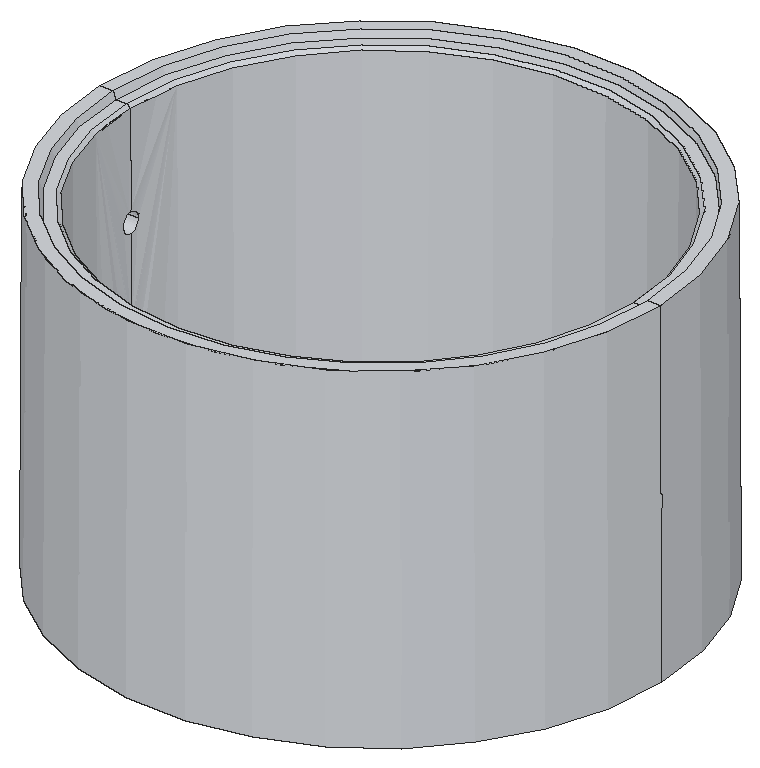
Revit family "Кольцо 1500х1010 с дном с замком КОД", category Обобщенные модели, Revit 2023
Family settings
  Может служить основой для арматурных стержней = Нет
  Размер круглого соединителя = Использовать диаметр
  Тип детали = Нормальный
  На основе рабочей плоскости = Нет
  Всегда вертикально = Да
  При загрузке вырезать с полостями = Нет
  Сохранять ориентацию аннотаций = Нет
  Общий = Нет
  Точка принадлежности помещению = Нет
Parameters (values of type "Кольцо 1500х1010 с дном с замком КОД")
  фаска = 10 mm
  толщина_дна = 100 mm
  толщ_на_h2_расч = (t1 - t2) / 2 * (h1 + h2) / ADSK_Размер_Высота + 10 mm  # 13.342 mm
  толщ_на_h1_расч = (t1 - t2) / 2 * h1 / ADSK_Размер_Высота + 10 mm  # 11.832 mm
  сужение_низ = 5 mm
  отступ_низ = 36 mm
  отступ_верх = 38.5 mm
  выступ = 20 mm
  вырез2 = yes
  вырез1 = yes
  Отметка по умолчанию = 0 mm
  t2 = 90 mm
  t1 = 100 mm
  h2 = 305 mm
  h1 = 370 mm
  d1 = 20 mm * tan(20.00°)  # 7.279 mm
  ADSK_Размер_Диаметр = 1500 mm
  ADSK_Размер_Высота = 1010 mm
  ADSK_Масса = 1597
Reference planes
  plane 1 "По центру (Вперед/Назад)": y = 0
  plane 2: z = 0
  plane 3 "По центру (Влево/Вправо)": x = 0
  plane 4: x = 750
  plane 5: x = -750
  plane 6: y = 750
  plane 7: y = -750
  plane 8: z = 990
  plane 9: z = 1010
  plane 10: z = 100
  plane 11: x = -845
  plane 12: x = 845
  plane 13: y = 845
  plane 14: y = -845
  plane 15: y = 840
  plane 16: y = -840
  plane 17: x = -840
  plane 18: x = 840
  plane 19: x = 801.5
  plane 20: x = 794.221
  plane 21: z = 980
  plane 22: x = 760
  plane 23: z = 370
  plane 24: z = 675
  plane 25: y = 745
  plane 26: y = -745
  plane 27: x = -745
  plane 28: x = 745
  plane 29: x = -831.658
  plane 30: x = -833.168
  plane 31: x = 831.658
  plane 32: x = 833.168
Forms (mm)
  Revolve 1, solid
    sketch origin (0, 0, 0) x (1, 0, 0) y (0, 0, 1)
      loop
        line (750, 980) -> (745, 100) -> (0, 100) -> (0, 0) -> (845, 0) -> (840, 1010) -> (801.5, 1010) -> (794.221, 990) -> (760, 990) -> (750, 980)
      axis (0, 0) -> (0, 1010)
    angle from 0 to 360
  Extrusion 2, void
    sketch origin (0, 0, 0) x (0, -1, 0) y (0, 0, 1)
      loop
        circle (0, 675) r 30
    from -831.658 to 831.658
  Extrusion 3, void
    sketch origin (0, 0, 0) x (0, -1, 0) y (0, 0, 1)
      loop
        circle (0, 370) r 30
    from -833.168 to 833.168
Cuts and joins
  Extrusion 2, Extrusion 3 cuts Revolve 1
Dimensions and locks
  equal spacing: plane 5, plane 3 "По центру (Влево/Вправо)", plane 4
  equal spacing: plane 7, plane 1 "По центру (Вперед/Назад)", plane 6
  "ADSK_Размер_Диаметр": plane 5 to plane 4
  "ADSK_Размер_Диаметр": plane 7 to plane 6
  "выступ": plane 9 to plane 8
  "толщина_дна": plane 10 to level
  "t1": plane 11 to plane 27
  "t1": plane 28 to plane 12
  "t2": plane 6 to plane 15
  "t2": plane 16 to plane 7
  "t2": plane 17 to plane 5
  "t2": plane 4 to plane 18
  "отступ_верх": plane 18 to plane 19
  "d1": plane 19 to plane 20
  "фаска": plane 8 to plane 21
  "фаска": plane 22 to plane 4
  "h1": plane 23 to level
  "h2": plane 24 to plane 23
  "ADSK_Размер_Высота": plane 9 to level
  "сужение_низ": plane 5 to plane 27
  "сужение_низ": plane 28 to plane 4
  "сужение_низ": plane 25 to plane 6
  "сужение_низ": plane 7 to plane 26
  "t1": plane 14 to plane 26
  "t1": plane 25 to plane 13
  "толщ_на_h2_расч": plane 29 to plane 11
  "толщ_на_h1_расч": plane 30 to plane 11
  "толщ_на_h2_расч": plane 12 to plane 31
  "толщ_на_h1_расч": plane 12 to plane 32
  aligned and locked: level to plane 2
  aligned and locked: Revolve 1 sketch curve to plane 8
  aligned and locked: Revolve 1 sketch curve to plane 9
  aligned and locked: Revolve 1 sketch curve to level
  aligned and locked: Extrusion 2 to plane 29
  aligned and locked: Extrusion 3 to plane 30
  aligned and locked: plane 31 to Extrusion 2
  aligned and locked: plane 32 to Extrusion 3
  aligned and locked: Revolve 1 sketch curve to plane 3 "По центру (Влево/Вправо)"
  aligned and locked: plane 10 to Revolve 1 sketch curve
Automatic sketch dimensions
  Extrusion 2 sketch curve to plane 1 "По центру (Вперед/Назад)" = 0 mm
  Extrusion 2 sketch curve to plane 24 = 0 mm
  Extrusion 3 sketch curve to plane 1 "По центру (Вперед/Назад)" = 0 mm
  Extrusion 3 sketch curve to plane 23 = 0 mm
  Revolve 1 sketch curve to level = 0 mm
  Revolve 1 sketch curve to plane 3 "По центру (Влево/Вправо)" = 0 mm
  Revolve 1 sketch curve to plane 28 = 0 mm
  Revolve 1 sketch curve to plane 4 = 0 mm
  Revolve 1 sketch curve to plane 22 = 0 mm
  Revolve 1 sketch curve to plane 20 = 0 mm
  Revolve 1 sketch curve to plane 19 = 0 mm
  Revolve 1 sketch curve to plane 18 = 0 mm
  Revolve 1 sketch curve to plane 12 = 0 mm
  Revolve 1 sketch curve to plane 21 = 0 mm
  Revolve 1 sketch curve to plane 9 = 0 mm
  radius of Extrusion 2 sketch curve = 30 mm
  radius of Extrusion 3 sketch curve = 30 mm
